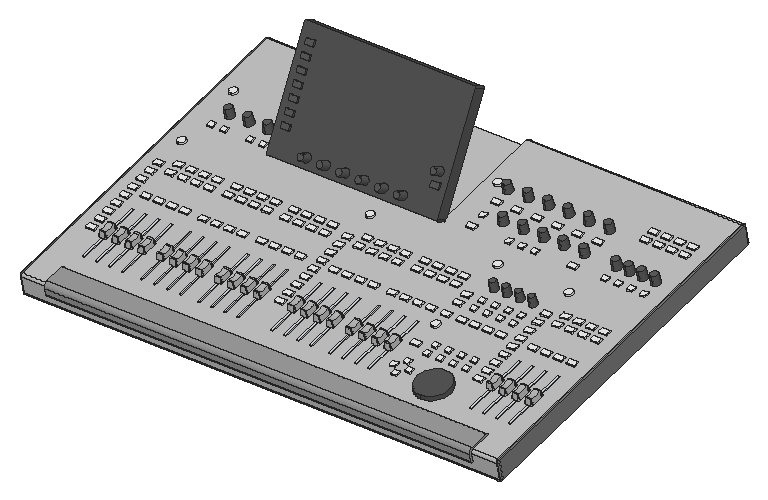
Revit family "Wing", category Communication Devices, Revit 2020 (continued)
Lines and regions (mm)
  model lines
    curve 870: arc (92.518, 155.524, 170.724) -> (94.074, 154.899, 170.568) -> (94.718, 153.39, 170.192) r 2.2
    curve 871: arc (94.718, 145.549, 168.237) -> (94.074, 144.039, 167.861) -> (92.518, 143.414, 167.705) r 2.2
    curve 872: arc (79.655, 143.414, 167.705) -> (78.1, 144.039, 167.861) -> (77.455, 145.549, 168.237) r 2.2
    curve 873: line (263.829, 98.273, 156.451) -> (276.718, 98.273, 156.451)
    curve 874: line (261.655, 88.297, 153.964) -> (261.655, 96.164, 155.925)
    curve 875: line (276.718, 86.163, 153.431) -> (263.855, 86.163, 153.431)
    curve 876: line (278.918, 96.138, 155.919) -> (278.918, 88.297, 153.964)
    curve 877: arc (261.655, 96.164, 155.925) -> (262.291, 97.655, 156.297) -> (263.829, 98.273, 156.451) r 2.174
    curve 878: arc (276.718, 98.273, 156.451) -> (278.273, 97.648, 156.295) -> (278.918, 96.138, 155.919) r 2.2
    curve 879: arc (278.918, 88.297, 153.964) -> (278.273, 86.788, 153.587) -> (276.718, 86.163, 153.431) r 2.2
    curve 880: arc (263.855, 86.163, 153.431) -> (262.299, 86.788, 153.587) -> (261.655, 88.297, 153.964) r 2.2
    curve 881: line (263.829, 155.524, 170.724) -> (276.718, 155.524, 170.724)
    curve 882: line (261.655, 145.549, 168.237) -> (261.655, 153.415, 170.198)
    curve 883: line (276.718, 143.414, 167.705) -> (263.855, 143.414, 167.705)
    curve 884: line (278.918, 153.39, 170.192) -> (278.918, 145.549, 168.237)
    curve 885: arc (261.655, 153.415, 170.198) -> (262.291, 154.906, 170.57) -> (263.829, 155.524, 170.724) r 2.174
    curve 886: arc (276.718, 155.524, 170.724) -> (278.273, 154.899, 170.568) -> (278.918, 153.39, 170.192) r 2.2
    curve 887: arc (278.918, 145.549, 168.237) -> (278.273, 144.039, 167.861) -> (276.718, 143.414, 167.705) r 2.2
    curve 888: arc (263.855, 143.414, 167.705) -> (262.299, 144.039, 167.861) -> (261.655, 145.549, 168.237) r 2.2
    curve 889: line (116.469, 155.524, 170.724) -> (129.358, 155.524, 170.724)
    curve 890: line (114.295, 145.549, 168.237) -> (114.295, 153.415, 170.198)
    curve 891: line (129.358, 143.414, 167.705) -> (116.495, 143.414, 167.705)
    curve 892: line (131.558, 153.39, 170.192) -> (131.558, 145.549, 168.237)
    curve 893: arc (114.295, 153.415, 170.198) -> (114.932, 154.906, 170.57) -> (116.469, 155.524, 170.724) r 2.174
    curve 894: arc (129.358, 155.524, 170.724) -> (130.914, 154.899, 170.568) -> (131.558, 153.39, 170.192) r 2.2
    curve 895: arc (131.558, 145.549, 168.237) -> (130.914, 144.039, 167.861) -> (129.358, 143.414, 167.705) r 2.2
    curve 896: arc (116.495, 143.414, 167.705) -> (114.939, 144.039, 167.861) -> (114.295, 145.549, 168.237) r 2.2
    curve 897: line (153.309, 155.524, 170.724) -> (166.198, 155.524, 170.724)
    curve 898: line (151.135, 145.549, 168.237) -> (151.135, 153.415, 170.198)
    curve 899: line (166.198, 143.414, 167.705) -> (153.335, 143.414, 167.705)
    curve 900: line (168.398, 153.39, 170.192) -> (168.398, 145.549, 168.237)
    curve 901: arc (151.135, 153.415, 170.198) -> (151.772, 154.906, 170.57) -> (153.309, 155.524, 170.724) r 2.174
    curve 902: arc (166.198, 155.524, 170.724) -> (167.754, 154.899, 170.568) -> (168.398, 153.39, 170.192) r 2.2
    curve 903: arc (168.398, 145.549, 168.237) -> (167.754, 144.039, 167.861) -> (166.198, 143.414, 167.705) r 2.2
    curve 904: arc (153.335, 143.414, 167.705) -> (151.779, 144.039, 167.861) -> (151.135, 145.549, 168.237) r 2.2
    curve 905: line (198.096, 98.273, 156.451) -> (205.535, 98.273, 156.451)
    curve 906: line (195.922, 88.297, 153.964) -> (195.922, 96.164, 155.925)
    curve 907: line (205.535, 86.163, 153.431) -> (198.122, 86.163, 153.431)
    curve 908: line (207.735, 96.138, 155.919) -> (207.735, 88.297, 153.964)
    curve 909: arc (195.922, 96.164, 155.925) -> (196.559, 97.655, 156.297) -> (198.096, 98.273, 156.451) r 2.174
    curve 910: arc (205.535, 98.273, 156.451) -> (207.09, 97.648, 156.295) -> (207.735, 96.138, 155.919) r 2.2
    curve 911: arc (207.735, 88.297, 153.964) -> (207.09, 86.788, 153.587) -> (205.535, 86.163, 153.431) r 2.2
    curve 912: arc (198.122, 86.163, 153.431) -> (196.566, 86.788, 153.587) -> (195.922, 88.297, 153.964) r 2.2
    curve 913: line (190.149, 155.524, 170.724) -> (203.038, 155.524, 170.724)
    curve 914: line (187.975, 145.549, 168.237) -> (187.975, 153.415, 170.198)
    curve 915: line (203.038, 143.414, 167.705) -> (190.175, 143.414, 167.705)
    curve 916: line (205.238, 153.39, 170.192) -> (205.238, 145.549, 168.237)
    curve 917: arc (187.975, 153.415, 170.198) -> (188.612, 154.906, 170.57) -> (190.149, 155.524, 170.724) r 2.174
    curve 918: arc (203.038, 155.524, 170.724) -> (204.594, 154.899, 170.568) -> (205.238, 153.39, 170.192) r 2.2
    curve 919: arc (205.238, 145.549, 168.237) -> (204.594, 144.039, 167.861) -> (203.038, 143.414, 167.705) r 2.2
    curve 920: arc (190.175, 143.414, 167.705) -> (188.619, 144.039, 167.861) -> (187.975, 145.549, 168.237) r 2.2
    curve 921: line (226.989, 155.524, 170.724) -> (239.878, 155.524, 170.724)
    curve 922: line (224.815, 145.549, 168.237) -> (224.815, 153.415, 170.198)
    curve 923: line (239.878, 143.414, 167.705) -> (227.015, 143.414, 167.705)
    curve 924: line (242.078, 153.39, 170.192) -> (242.078, 145.549, 168.237)
    curve 925: arc (224.815, 153.415, 170.198) -> (225.452, 154.906, 170.57) -> (226.989, 155.524, 170.724) r 2.174
    curve 926: arc (239.878, 155.524, 170.724) -> (241.434, 154.899, 170.568) -> (242.078, 153.39, 170.192) r 2.2
    curve 927: arc (242.078, 145.549, 168.237) -> (241.434, 144.039, 167.861) -> (239.878, 143.414, 167.705) r 2.2
    curve 928: arc (227.015, 143.414, 167.705) -> (225.459, 144.039, 167.861) -> (224.815, 145.549, 168.237) r 2.2
    curve 929: line (174.443, 98.273, 156.451) -> (181.882, 98.273, 156.451)
    curve 930: line (172.269, 88.297, 153.964) -> (172.269, 96.164, 155.925)
    curve 931: line (181.882, 86.163, 153.431) -> (174.469, 86.163, 153.431)
    curve 932: line (184.082, 96.138, 155.919) -> (184.082, 88.297, 153.964)
    curve 933: arc (172.269, 96.164, 155.925) -> (172.905, 97.655, 156.297) -> (174.443, 98.273, 156.451) r 2.174
    curve 934: arc (181.882, 98.273, 156.451) -> (183.437, 97.648, 156.295) -> (184.082, 96.138, 155.919) r 2.2
    curve 935: arc (184.082, 88.297, 153.964) -> (183.437, 86.788, 153.587) -> (181.882, 86.163, 153.431) r 2.2
    curve 936: arc (174.469, 86.163, 153.431) -> (172.913, 86.788, 153.587) -> (172.269, 88.297, 153.964) r 2.2
    curve 937: line (151.196, 98.273, 156.451) -> (158.635, 98.273, 156.451)
    curve 938: line (149.022, 88.297, 153.964) -> (149.022, 96.164, 155.925)
    curve 939: line (158.635, 86.163, 153.431) -> (151.222, 86.163, 153.431)
    curve 940: line (160.835, 96.138, 155.919) -> (160.835, 88.297, 153.964)
    curve 941: arc (149.022, 96.164, 155.925) -> (149.659, 97.655, 156.297) -> (151.196, 98.273, 156.451) r 2.174
    curve 942: arc (158.635, 98.273, 156.451) -> (160.191, 97.648, 156.295) -> (160.835, 96.138, 155.919) r 2.2
    curve 943: arc (160.835, 88.297, 153.964) -> (160.191, 86.788, 153.587) -> (158.635, 86.163, 153.431) r 2.2
    curve 944: arc (151.222, 86.163, 153.431) -> (149.667, 86.788, 153.587) -> (149.022, 88.297, 153.964) r 2.2
    curve 945: line (82.338, 124.864, 163.08) -> (89.776, 124.864, 163.08)
    curve 946: line (80.164, 114.888, 160.593) -> (80.164, 122.754, 162.554)
    curve 947: line (89.776, 112.753, 160.061) -> (82.364, 112.753, 160.061)
    curve 948: line (91.976, 122.729, 162.548) -> (91.976, 114.888, 160.593)
    curve 949: arc (80.164, 122.754, 162.554) -> (80.8, 124.246, 162.926) -> (82.338, 124.864, 163.08) r 2.174
    curve 950: arc (89.776, 124.864, 163.08) -> (91.332, 124.238, 162.924) -> (91.976, 122.729, 162.548) r 2.2
    curve 951: arc (91.976, 114.888, 160.593) -> (91.332, 113.378, 160.217) -> (89.776, 112.753, 160.061) r 2.2
    curve 952: arc (82.364, 112.753, 160.061) -> (80.808, 113.378, 160.217) -> (80.164, 114.888, 160.593) r 2.2
    curve 953: line (325.237, 98.358, 156.472) -> (332.676, 98.358, 156.472)
    curve 954: line (323.063, 88.382, 153.985) -> (323.063, 96.249, 155.946)
    curve 955: line (332.676, 86.248, 153.453) -> (325.263, 86.248, 153.453)
    curve 956: line (334.876, 96.224, 155.94) -> (334.876, 88.382, 153.985)
    curve 957: arc (323.063, 96.249, 155.946) -> (323.7, 97.74, 156.318) -> (325.237, 98.358, 156.472) r 2.174
    curve 958: arc (332.676, 98.358, 156.472) -> (334.232, 97.733, 156.316) -> (334.876, 96.224, 155.94) r 2.2
    curve 959: arc (334.876, 88.382, 153.985) -> (334.232, 86.873, 153.609) -> (332.676, 86.248, 153.453) r 2.2
    curve 960: arc (325.263, 86.248, 153.453) -> (323.708, 86.873, 153.609) -> (323.063, 88.382, 153.985) r 2.2
    curve 961: line (348.756, 98.358, 156.472) -> (356.195, 98.358, 156.472)
    curve 962: line (346.582, 88.382, 153.985) -> (346.582, 96.249, 155.946)
    curve 963: line (356.195, 86.248, 153.453) -> (348.782, 86.248, 153.453)
    curve 964: line (358.395, 96.224, 155.94) -> (358.395, 88.382, 153.985)
    curve 965: arc (346.582, 96.249, 155.946) -> (347.219, 97.74, 156.318) -> (348.756, 98.358, 156.472) r 2.174
    curve 966: arc (356.195, 98.358, 156.472) -> (357.751, 97.733, 156.316) -> (358.395, 96.224, 155.94) r 2.2
    curve 967: arc (358.395, 88.382, 153.985) -> (357.751, 86.873, 153.609) -> (356.195, 86.248, 153.453) r 2.2
    curve 968: arc (348.782, 86.248, 153.453) -> (347.226, 86.873, 153.609) -> (346.582, 88.382, 153.985) r 2.2
    curve 969: line (372.275, 98.358, 156.472) -> (379.714, 98.358, 156.472)
    curve 970: line (370.101, 88.382, 153.985) -> (370.101, 96.249, 155.946)
    curve 971: line (379.714, 86.248, 153.453) -> (372.301, 86.248, 153.453)
    curve 972: line (381.914, 96.224, 155.94) -> (381.914, 88.382, 153.985)
    curve 973: arc (370.101, 96.249, 155.946) -> (370.737, 97.74, 156.318) -> (372.275, 98.358, 156.472) r 2.174
    curve 974: arc (379.714, 98.358, 156.472) -> (381.269, 97.733, 156.316) -> (381.914, 96.224, 155.94) r 2.2
    curve 975: arc (381.914, 88.382, 153.985) -> (381.269, 86.873, 153.609) -> (379.714, 86.248, 153.453) r 2.2
    curve 976: arc (372.301, 86.248, 153.453) -> (370.745, 86.873, 153.609) -> (370.101, 88.382, 153.985) r 2.2
    curve 977: line (395.793, 98.358, 156.472) -> (403.232, 98.358, 156.472)
    curve 978: line (393.619, 88.382, 153.985) -> (393.619, 96.249, 155.946)
    curve 979: line (403.232, 86.248, 153.453) -> (395.819, 86.248, 153.453)
    curve 980: line (405.432, 96.224, 155.94) -> (405.432, 88.382, 153.985)
    curve 981: arc (393.619, 96.249, 155.946) -> (394.256, 97.74, 156.318) -> (395.793, 98.358, 156.472) r 2.174
    curve 982: arc (403.232, 98.358, 156.472) -> (404.788, 97.733, 156.316) -> (405.432, 96.224, 155.94) r 2.2
    curve 983: arc (405.432, 88.382, 153.985) -> (404.788, 86.873, 153.609) -> (403.232, 86.248, 153.453) r 2.2
    curve 984: arc (395.819, 86.248, 153.453) -> (394.264, 86.873, 153.609) -> (393.619, 88.382, 153.985) r 2.2
    curve 985: line (196.241, -19.181, 127.168) -> (203.68, -19.181, 127.168)
    curve 986: line (194.067, -29.156, 124.681) -> (194.067, -21.29, 126.642)
    curve 987: line (203.68, -31.291, 124.149) -> (196.267, -31.291, 124.149)
    curve 988: line (205.88, -21.315, 126.636) -> (205.88, -29.156, 124.681)
    curve 989: arc (194.067, -21.29, 126.642) -> (194.704, -19.798, 127.014) -> (196.241, -19.181, 127.168) r 2.174
    curve 990: arc (203.68, -19.181, 127.168) -> (205.236, -19.806, 127.012) -> (205.88, -21.315, 126.636) r 2.2
    curve 991: arc (205.88, -29.156, 124.681) -> (205.236, -30.666, 124.304) -> (203.68, -31.291, 124.149) r 2.2
    curve 992: arc (196.267, -31.291, 124.149) -> (194.712, -30.666, 124.304) -> (194.067, -29.156, 124.681) r 2.2
    curve 993: line (219.76, -19.181, 127.168) -> (227.199, -19.181, 127.168)
    curve 994: line (217.586, -29.156, 124.681) -> (217.586, -21.29, 126.642)
    curve 995: line (227.199, -31.291, 124.149) -> (219.786, -31.291, 124.149)
    curve 996: line (229.399, -21.315, 126.636) -> (229.399, -29.156, 124.681)
    curve 997: arc (217.586, -21.29, 126.642) -> (218.223, -19.798, 127.014) -> (219.76, -19.181, 127.168) r 2.174
    curve 998: arc (227.199, -19.181, 127.168) -> (228.755, -19.806, 127.012) -> (229.399, -21.315, 126.636) r 2.2
    curve 999: arc (229.399, -29.156, 124.681) -> (228.755, -30.666, 124.304) -> (227.199, -31.291, 124.149) r 2.2
    curve 1000: arc (219.786, -31.291, 124.149) -> (218.23, -30.666, 124.304) -> (217.586, -29.156, 124.681) r 2.2
    curve 1001: line (243.279, -19.181, 127.168) -> (250.718, -19.181, 127.168)
    curve 1002: line (241.105, -29.156, 124.681) -> (241.105, -21.29, 126.642)
    curve 1003: line (250.718, -31.291, 124.149) -> (243.305, -31.291, 124.149)
    curve 1004: line (252.918, -21.315, 126.636) -> (252.918, -29.156, 124.681)
    curve 1005: arc (241.105, -21.29, 126.642) -> (241.742, -19.798, 127.014) -> (243.279, -19.181, 127.168) r 2.174
    curve 1006: arc (250.718, -19.181, 127.168) -> (252.273, -19.806, 127.012) -> (252.918, -21.315, 126.636) r 2.2
    curve 1007: arc (252.918, -29.156, 124.681) -> (252.273, -30.666, 124.304) -> (250.718, -31.291, 124.149) r 2.2
    curve 1008: arc (243.305, -31.291, 124.149) -> (241.749, -30.666, 124.304) -> (241.105, -29.156, 124.681) r 2.2
    curve 1009: line (266.798, -19.181, 127.168) -> (274.237, -19.181, 127.168)
    curve 1010: line (264.624, -29.156, 124.681) -> (264.624, -21.29, 126.642)
    curve 1011: line (274.237, -31.291, 124.149) -> (266.824, -31.291, 124.149)
    curve 1012: line (276.437, -21.315, 126.636) -> (276.437, -29.156, 124.681)
    curve 1013: arc (264.624, -21.29, 126.642) -> (265.26, -19.798, 127.014) -> (266.798, -19.181, 127.168) r 2.174
    curve 1014: arc (274.237, -19.181, 127.168) -> (275.792, -19.806, 127.012) -> (276.437, -21.315, 126.636) r 2.2
    curve 1015: arc (276.437, -29.156, 124.681) -> (275.792, -30.666, 124.304) -> (274.237, -31.291, 124.149) r 2.2
    curve 1016: arc (266.824, -31.291, 124.149) -> (265.268, -30.666, 124.304) -> (264.624, -29.156, 124.681) r 2.2
    curve 1017: line (196.241, -38.17, 122.434) -> (203.68, -38.17, 122.434)
    curve 1018: line (194.067, -48.146, 119.946) -> (194.067, -40.28, 121.908)
    curve 1019: line (203.68, -50.28, 119.414) -> (196.267, -50.28, 119.414)
    curve 1020: line (205.88, -40.305, 121.901) -> (205.88, -48.146, 119.946)
    curve 1021: arc (194.067, -40.28, 121.908) -> (194.704, -38.788, 122.279) -> (196.241, -38.17, 122.434) r 2.174
    curve 1022: arc (203.68, -38.17, 122.434) -> (205.236, -38.795, 122.278) -> (205.88, -40.305, 121.901) r 2.2
    curve 1023: arc (205.88, -48.146, 119.946) -> (205.236, -49.655, 119.57) -> (203.68, -50.28, 119.414) r 2.2
    curve 1024: arc (196.267, -50.28, 119.414) -> (194.712, -49.655, 119.57) -> (194.067, -48.146, 119.946) r 2.2
    curve 1025: line (219.76, -38.17, 122.434) -> (227.199, -38.17, 122.434)
    curve 1026: line (217.586, -48.146, 119.946) -> (217.586, -40.28, 121.908)
    curve 1027: line (227.199, -50.28, 119.414) -> (219.786, -50.28, 119.414)
    curve 1028: line (229.399, -40.305, 121.901) -> (229.399, -48.146, 119.946)
    curve 1029: arc (217.586, -40.28, 121.908) -> (218.223, -38.788, 122.279) -> (219.76, -38.17, 122.434) r 2.174
    curve 1030: arc (227.199, -38.17, 122.434) -> (228.755, -38.795, 122.278) -> (229.399, -40.305, 121.901) r 2.2
    curve 1031: arc (229.399, -48.146, 119.946) -> (228.755, -49.655, 119.57) -> (227.199, -50.28, 119.414) r 2.2
    curve 1032: arc (219.786, -50.28, 119.414) -> (218.23, -49.655, 119.57) -> (217.586, -48.146, 119.946) r 2.2
    curve 1033: line (243.279, -38.17, 122.434) -> (250.718, -38.17, 122.434)
    curve 1034: line (241.105, -48.146, 119.946) -> (241.105, -40.28, 121.908)
    curve 1035: line (250.718, -50.28, 119.414) -> (243.305, -50.28, 119.414)
    curve 1036: line (252.918, -40.305, 121.901) -> (252.918, -48.146, 119.946)
    curve 1037: arc (241.105, -40.28, 121.908) -> (241.742, -38.788, 122.279) -> (243.279, -38.17, 122.434) r 2.174
    curve 1038: arc (250.718, -38.17, 122.434) -> (252.273, -38.795, 122.278) -> (252.918, -40.305, 121.901) r 2.2
    curve 1039: arc (252.918, -48.146, 119.946) -> (252.273, -49.655, 119.57) -> (250.718, -50.28, 119.414) r 2.2
    curve 1040: arc (243.305, -50.28, 119.414) -> (241.749, -49.655, 119.57) -> (241.105, -48.146, 119.946) r 2.2
    curve 1041: line (266.798, -38.17, 122.434) -> (274.237, -38.17, 122.434)
    curve 1042: line (264.624, -48.146, 119.946) -> (264.624, -40.28, 121.908)
    curve 1043: line (274.237, -50.28, 119.414) -> (266.824, -50.28, 119.414)
    curve 1044: line (276.437, -40.305, 121.901) -> (276.437, -48.146, 119.946)
    curve 1045: arc (264.624, -40.28, 121.908) -> (265.26, -38.788, 122.279) -> (266.798, -38.17, 122.434) r 2.174
    curve 1046: arc (274.237, -38.17, 122.434) -> (275.792, -38.795, 122.278) -> (276.437, -40.305, 121.901) r 2.2
    curve 1047: arc (276.437, -48.146, 119.946) -> (275.792, -49.655, 119.57) -> (274.237, -50.28, 119.414) r 2.2
    curve 1048: arc (266.824, -50.28, 119.414) -> (265.268, -49.655, 119.57) -> (264.624, -48.146, 119.946) r 2.2
    curve 1049: line (196.241, -124.891, 100.813) -> (203.68, -124.891, 100.813)
    curve 1050: line (194.067, -134.866, 98.326) -> (194.067, -127, 100.287)
    curve 1051: line (203.68, -137.001, 97.793) -> (196.267, -137.001, 97.793)
    curve 1052: line (205.88, -127.025, 100.281) -> (205.88, -134.866, 98.326)
    curve 1053: arc (194.067, -127, 100.287) -> (194.704, -125.509, 100.659) -> (196.241, -124.891, 100.813) r 2.174
    curve 1054: arc (203.68, -124.891, 100.813) -> (205.236, -125.516, 100.657) -> (205.88, -127.025, 100.281) r 2.2
    curve 1055: arc (205.88, -134.866, 98.326) -> (205.236, -136.376, 97.949) -> (203.68, -137.001, 97.793) r 2.2
    curve 1056: arc (196.267, -137.001, 97.793) -> (194.712, -136.376, 97.949) -> (194.067, -134.866, 98.326) r 2.2
    curve 1057: line (219.76, -124.891, 100.813) -> (227.199, -124.891, 100.813)
    curve 1058: line (217.586, -134.866, 98.326) -> (217.586, -127, 100.287)
    curve 1059: line (227.199, -137.001, 97.793) -> (219.786, -137.001, 97.793)
    curve 1060: line (229.399, -127.025, 100.281) -> (229.399, -134.866, 98.326)
    curve 1061: arc (217.586, -127, 100.287) -> (218.223, -125.509, 100.659) -> (219.76, -124.891, 100.813) r 2.174
    curve 1062: arc (227.199, -124.891, 100.813) -> (228.755, -125.516, 100.657) -> (229.399, -127.025, 100.281) r 2.2
    curve 1063: arc (229.399, -134.866, 98.326) -> (228.755, -136.376, 97.949) -> (227.199, -137.001, 97.793) r 2.2
    curve 1064: arc (219.786, -137.001, 97.793) -> (218.23, -136.376, 97.949) -> (217.586, -134.866, 98.326) r 2.2
    curve 1065: line (243.279, -124.891, 100.813) -> (250.718, -124.891, 100.813)
    curve 1066: line (241.105, -134.866, 98.326) -> (241.105, -127, 100.287)
    curve 1067: line (250.718, -137.001, 97.793) -> (243.305, -137.001, 97.793)
    curve 1068: line (252.918, -127.025, 100.281) -> (252.918, -134.866, 98.326)
    curve 1069: arc (241.105, -127, 100.287) -> (241.742, -125.509, 100.659) -> (243.279, -124.891, 100.813) r 2.174
    curve 1070: arc (250.718, -124.891, 100.813) -> (252.273, -125.516, 100.657) -> (252.918, -127.025, 100.281) r 2.2
    curve 1071: arc (252.918, -134.866, 98.326) -> (252.273, -136.376, 97.949) -> (250.718, -137.001, 97.793) r 2.2
    curve 1072: arc (243.305, -137.001, 97.793) -> (241.749, -136.376, 97.949) -> (241.105, -134.866, 98.326) r 2.2
    curve 1073: line (266.798, -124.891, 100.813) -> (274.237, -124.891, 100.813)
    curve 1074: line (264.624, -134.866, 98.326) -> (264.624, -127, 100.287)
    curve 1075: line (274.237, -137.001, 97.793) -> (266.824, -137.001, 97.793)
    curve 1076: line (276.437, -127.025, 100.281) -> (276.437, -134.866, 98.326)
    curve 1077: arc (264.624, -127, 100.287) -> (265.26, -125.509, 100.659) -> (266.798, -124.891, 100.813) r 2.174
    curve 1078: arc (274.237, -124.891, 100.813) -> (275.792, -125.516, 100.657) -> (276.437, -127.025, 100.281) r 2.2
    curve 1079: arc (276.437, -134.866, 98.326) -> (275.792, -136.376, 97.949) -> (274.237, -137.001, 97.793) r 2.2
    curve 1080: arc (266.824, -137.001, 97.793) -> (265.268, -136.376, 97.949) -> (264.624, -134.866, 98.326) r 2.2
    curve 1081: line (196.241, -143.88, 96.078) -> (203.68, -143.88, 96.078)
    curve 1082: line (194.067, -153.856, 93.591) -> (194.067, -145.99, 95.552)
    curve 1083: line (203.68, -155.991, 93.059) -> (196.267, -155.991, 93.059)
    curve 1084: line (205.88, -146.015, 95.546) -> (205.88, -153.856, 93.591)
    curve 1085: arc (194.067, -145.99, 95.552) -> (194.704, -144.498, 95.924) -> (196.241, -143.88, 96.078) r 2.174
    curve 1086: arc (203.68, -143.88, 96.078) -> (205.236, -144.505, 95.923) -> (205.88, -146.015, 95.546) r 2.2
    curve 1087: arc (205.88, -153.856, 93.591) -> (205.236, -155.365, 93.215) -> (203.68, -155.991, 93.059) r 2.2
    curve 1088: arc (196.267, -155.991, 93.059) -> (194.712, -155.365, 93.215) -> (194.067, -153.856, 93.591) r 2.2
    curve 1089: line (219.76, -143.88, 96.078) -> (227.199, -143.88, 96.078)
    curve 1090: line (217.586, -153.856, 93.591) -> (217.586, -145.99, 95.552)
    curve 1091: line (227.199, -155.991, 93.059) -> (219.786, -155.991, 93.059)
    curve 1092: line (229.399, -146.015, 95.546) -> (229.399, -153.856, 93.591)
    curve 1093: arc (217.586, -145.99, 95.552) -> (218.223, -144.498, 95.924) -> (219.76, -143.88, 96.078) r 2.174
    curve 1094: arc (227.199, -143.88, 96.078) -> (228.755, -144.505, 95.923) -> (229.399, -146.015, 95.546) r 2.2
    curve 1095: arc (229.399, -153.856, 93.591) -> (228.755, -155.365, 93.215) -> (227.199, -155.991, 93.059) r 2.2
    curve 1096: arc (219.786, -155.991, 93.059) -> (218.23, -155.365, 93.215) -> (217.586, -153.856, 93.591) r 2.2
    curve 1097: line (243.279, -143.88, 96.078) -> (250.718, -143.88, 96.078)
    curve 1098: line (241.105, -153.856, 93.591) -> (241.105, -145.99, 95.552)
    curve 1099: line (250.718, -155.991, 93.059) -> (243.305, -155.991, 93.059)
    curve 1100: line (252.918, -146.015, 95.546) -> (252.918, -153.856, 93.591)
    curve 1101: arc (241.105, -145.99, 95.552) -> (241.742, -144.498, 95.924) -> (243.279, -143.88, 96.078) r 2.174
    curve 1102: arc (250.718, -143.88, 96.078) -> (252.273, -144.505, 95.923) -> (252.918, -146.015, 95.546) r 2.2
    curve 1103: arc (252.918, -153.856, 93.591) -> (252.273, -155.365, 93.215) -> (250.718, -155.991, 93.059) r 2.2
    curve 1104: arc (243.305, -155.991, 93.059) -> (241.749, -155.365, 93.215) -> (241.105, -153.856, 93.591) r 2.2
    curve 1105: line (266.798, -143.88, 96.078) -> (274.237, -143.88, 96.078)
    curve 1106: line (264.624, -153.856, 93.591) -> (264.624, -145.99, 95.552)
    curve 1107: line (274.237, -155.991, 93.059) -> (266.824, -155.991, 93.059)
    curve 1108: line (276.437, -146.015, 95.546) -> (276.437, -153.856, 93.591)
    curve 1109: arc (264.624, -145.99, 95.552) -> (265.26, -144.498, 95.924) -> (266.798, -143.88, 96.078) r 2.174
    curve 1110: arc (274.237, -143.88, 96.078) -> (275.792, -144.505, 95.923) -> (276.437, -146.015, 95.546) r 2.2
    curve 1111: arc (276.437, -153.856, 93.591) -> (275.792, -155.365, 93.215) -> (274.237, -155.991, 93.059) r 2.2
    curve 1112: arc (266.824, -155.991, 93.059) -> (265.268, -155.365, 93.215) -> (264.624, -153.856, 93.591) r 2.2
    curve 1113: line (195.994, -183.946, 86.089) -> (203.433, -183.946, 86.089)
    curve 1114: line (193.82, -193.922, 83.602) -> (193.82, -186.055, 85.564)
    curve 1115: line (203.433, -196.056, 83.07) -> (196.02, -196.056, 83.07)
    curve 1116: line (205.633, -186.081, 85.557) -> (205.633, -193.922, 83.602)
    curve 1117: arc (193.82, -186.055, 85.564) -> (194.456, -184.564, 85.935) -> (195.994, -183.946, 86.089) r 2.174
    curve 1118: arc (203.433, -183.946, 86.089) -> (204.988, -184.571, 85.934) -> (205.633, -186.081, 85.557) r 2.2
    curve 1119: arc (205.633, -193.922, 83.602) -> (204.988, -195.431, 83.226) -> (203.433, -196.056, 83.07) r 2.2
    curve 1120: arc (196.02, -196.056, 83.07) -> (194.464, -195.431, 83.226) -> (193.82, -193.922, 83.602) r 2.2
    curve 1121: line (167.838, -183.946, 86.089) -> (175.276, -183.946, 86.089)
    curve 1122: line (165.664, -193.922, 83.602) -> (165.664, -186.055, 85.564)
    curve 1123: line (175.276, -196.056, 83.07) -> (167.864, -196.056, 83.07)
    curve 1124: line (177.476, -186.081, 85.557) -> (177.476, -193.922, 83.602)
    curve 1125: arc (165.664, -186.055, 85.564) -> (166.3, -184.564, 85.935) -> (167.838, -183.946, 86.089) r 2.174
    curve 1126: arc (175.276, -183.946, 86.089) -> (176.832, -184.571, 85.934) -> (177.476, -186.081, 85.557) r 2.2
    curve 1127: arc (177.476, -193.922, 83.602) -> (176.832, -195.431, 83.226) -> (175.276, -196.056, 83.07) r 2.2
    curve 1128: arc (167.864, -196.056, 83.07) -> (166.308, -195.431, 83.226) -> (165.664, -193.922, 83.602) r 2.2
    curve 1129: line (181.746, -170.01, 89.564) -> (189.185, -170.01, 89.564)
    curve 1130: line (179.572, -179.986, 87.077) -> (179.572, -172.119, 89.038)
    curve 1131: line (189.185, -182.12, 86.545) -> (181.772, -182.12, 86.545)
    curve 1132: line (191.385, -172.145, 89.032) -> (191.385, -179.986, 87.077)
    curve 1133: arc (179.572, -172.119, 89.038) -> (180.209, -170.628, 89.41) -> (181.746, -170.01, 89.564) r 2.174
    curve 1134: arc (189.185, -170.01, 89.564) -> (190.741, -170.635, 89.408) -> (191.385, -172.145, 89.032) r 2.2
    curve 1135: arc (191.385, -179.986, 87.077) -> (190.741, -181.495, 86.701) -> (189.185, -182.12, 86.545) r 2.2
    curve 1136: arc (181.772, -182.12, 86.545) -> (180.216, -181.495, 86.701) -> (179.572, -179.986, 87.077) r 2.2
    curve 1137: line (181.746, -197.993, 82.587) -> (189.185, -197.993, 82.587)
    curve 1138: line (179.572, -207.969, 80.1) -> (179.572, -200.103, 82.061)
    curve 1139: line (189.185, -210.104, 79.568) -> (181.772, -210.104, 79.568)
    curve 1140: line (191.385, -200.128, 82.055) -> (191.385, -207.969, 80.1)
    curve 1141: arc (179.572, -200.103, 82.061) -> (180.209, -198.611, 82.433) -> (181.746, -197.993, 82.587) r 2.174
    curve 1142: arc (189.185, -197.993, 82.587) -> (190.741, -198.619, 82.431) -> (191.385, -200.128, 82.055) r 2.2
    curve 1143: arc (191.385, -207.969, 80.1) -> (190.741, -209.478, 79.724) -> (189.185, -210.104, 79.568) r 2.2
    curve 1144: arc (181.772, -210.104, 79.568) -> (180.216, -209.478, 79.724) -> (179.572, -207.969, 80.1) r 2.2
    curve 1145: line (-366.422, 98.273, 156.451) -> (-358.983, 98.273, 156.451)
    curve 1146: line (-368.596, 88.297, 153.964) -> (-368.596, 96.164, 155.925)
    curve 1147: line (-358.983, 86.163, 153.431) -> (-366.396, 86.163, 153.431)
    curve 1148: line (-356.783, 96.138, 155.919) -> (-356.783, 88.297, 153.964)
    curve 1149: arc (-368.596, 96.164, 155.925) -> (-367.96, 97.655, 156.297) -> (-366.422, 98.273, 156.451) r 2.174
    curve 1150: arc (-358.983, 98.273, 156.451) -> (-357.428, 97.648, 156.295) -> (-356.783, 96.138, 155.919) r 2.2
    curve 1151: arc (-356.783, 88.297, 153.964) -> (-357.428, 86.788, 153.587) -> (-358.983, 86.163, 153.431) r 2.2
    curve 1152: arc (-366.396, 86.163, 153.431) -> (-367.952, 86.788, 153.587) -> (-368.596, 88.297, 153.964) r 2.2
    curve 1153: line (-389.669, 98.273, 156.451) -> (-382.23, 98.273, 156.451)
    curve 1154: line (-391.843, 88.297, 153.964) -> (-391.843, 96.164, 155.925)
    curve 1155: line (-382.23, 86.163, 153.431) -> (-389.643, 86.163, 153.431)
    curve 1156: line (-380.03, 96.138, 155.919) -> (-380.03, 88.297, 153.964)
    curve 1157: arc (-391.843, 96.164, 155.925) -> (-391.206, 97.655, 156.297) -> (-389.669, 98.273, 156.451) r 2.174
    curve 1158: arc (-382.23, 98.273, 156.451) -> (-380.674, 97.648, 156.295) -> (-380.03, 96.138, 155.919) r 2.2
    curve 1159: arc (-380.03, 88.297, 153.964) -> (-380.674, 86.788, 153.587) -> (-382.23, 86.163, 153.431) r 2.2
    curve 1160: arc (-389.643, 86.163, 153.431) -> (-391.198, 86.788, 153.587) -> (-391.843, 88.297, 153.964) r 2.2
    curve 1161: line (-296.044, 98.273, 156.451) -> (-288.605, 98.273, 156.451)
    curve 1162: line (-298.218, 88.297, 153.964) -> (-298.218, 96.164, 155.925)
    curve 1163: line (-288.605, 86.163, 153.431) -> (-296.018, 86.163, 153.431)
    curve 1164: line (-286.405, 96.138, 155.919) -> (-286.405, 88.297, 153.964)
    curve 1165: arc (-298.218, 96.164, 155.925) -> (-297.581, 97.655, 156.297) -> (-296.044, 98.273, 156.451) r 2.174
    curve 1166: arc (-288.605, 98.273, 156.451) -> (-287.049, 97.648, 156.295) -> (-286.405, 96.138, 155.919) r 2.2
    curve 1167: arc (-286.405, 88.297, 153.964) -> (-287.049, 86.788, 153.587) -> (-288.605, 86.163, 153.431) r 2.2
    curve 1168: arc (-296.018, 86.163, 153.431) -> (-297.573, 86.788, 153.587) -> (-298.218, 88.297, 153.964) r 2.2
    curve 1169: line (-319.29, 98.273, 156.451) -> (-311.851, 98.273, 156.451)
    curve 1170: line (-321.464, 88.297, 153.964) -> (-321.464, 96.164, 155.925)
    curve 1171: line (-311.851, 86.163, 153.431) -> (-319.264, 86.163, 153.431)
    curve 1172: line (-309.651, 96.138, 155.919) -> (-309.651, 88.297, 153.964)
    curve 1173: arc (-321.464, 96.164, 155.925) -> (-320.827, 97.655, 156.297) -> (-319.29, 98.273, 156.451) r 2.174
    curve 1174: arc (-311.851, 98.273, 156.451) -> (-310.295, 97.648, 156.295) -> (-309.651, 96.138, 155.919) r 2.2
    curve 1175: arc (-309.651, 88.297, 153.964) -> (-310.295, 86.788, 153.587) -> (-311.851, 86.163, 153.431) r 2.2
    curve 1176: arc (-319.264, 86.163, 153.431) -> (-320.82, 86.788, 153.587) -> (-321.464, 88.297, 153.964) r 2.2
    curve 1177: circle (-402.636, 162.411, 172.441) r 8.037 normal (0, -0.2419, 0.9703)
    curve 1178: circle (-402.636, 45.151, 143.207) r 8.037 normal (0, -0.2419, 0.9703)
    curve 1179: circle (-60.191, 45.151, 143.207) r 8.037 normal (0, -0.2419, 0.9703)
    curve 1180: circle (171.565, 45.151, 143.207) r 8.037 normal (0, -0.2419, 0.9703)
    curve 1181: circle (300.782, 45.151, 143.207) r 8.037 normal (0, -0.2419, 0.9703)
    curve 1182: circle (171.488, -95.465, 108.149) r 8.037 normal (0, -0.2419, 0.9703)
    curve 1183: circle (61.695, 182.957, 177.564) r 8.037 normal (0, -0.2419, 0.9703)
    curve 1184: circle (252.918, -201.61, 81.686) r 33 normal (0, -0.2419, 0.9703)
    curve 1185: line (-356.429, 160.529, 171.972) -> (-321.582, 160.529, 171.972)
    curve 1186: line (-357.629, 145.341, 168.186) -> (-357.629, 159.364, 171.682)
    curve 1187: line (-321.582, 144.177, 167.895) -> (-356.429, 144.177, 167.895)
    curve 1188: line (-320.382, 159.364, 171.682) -> (-320.382, 145.341, 168.186)
    curve 1189: arc (-357.629, 159.364, 171.682) -> (-357.278, 160.188, 171.887) -> (-356.429, 160.529, 171.972) r 1.2
    curve 1190: arc (-321.582, 160.529, 171.972) -> (-320.733, 160.188, 171.887) -> (-320.382, 159.364, 171.682) r 1.2
    curve 1191: arc (-320.382, 145.341, 168.186) -> (-320.733, 144.518, 167.98) -> (-321.582, 144.177, 167.895) r 1.2
    curve 1192: arc (-356.429, 144.177, 167.895) -> (-357.278, 144.518, 167.98) -> (-357.629, 145.341, 168.186) r 1.2
    curve 1193: line (322.576, -9.948, 129.47) -> (335.465, -9.948, 129.47)
    curve 1194: line (320.402, -19.924, 126.983) -> (320.402, -12.058, 128.944)
    curve 1195: line (335.465, -22.059, 126.45) -> (322.602, -22.059, 126.45)
    curve 1196: line (337.665, -12.083, 128.937) -> (337.665, -19.924, 126.983)
    curve 1197: arc (320.402, -12.058, 128.944) -> (321.039, -10.566, 129.316) -> (322.576, -9.948, 129.47) r 2.174
    curve 1198: arc (335.465, -9.948, 129.47) -> (337.021, -10.574, 129.314) -> (337.665, -12.083, 128.937) r 2.2
    curve 1199: arc (337.665, -19.924, 126.983) -> (337.021, -21.433, 126.606) -> (335.465, -22.059, 126.45) r 2.2
    curve 1200: arc (322.602, -22.059, 126.45) -> (321.047, -21.433, 126.606) -> (320.402, -19.924, 126.983) r 2.2
    curve 1201: line (322.576, 9.041, 134.204) -> (335.465, 9.041, 134.204)
    curve 1202: line (320.402, -0.934, 131.717) -> (320.402, 6.932, 133.678)
    curve 1203: line (335.465, -3.069, 131.185) -> (322.602, -3.069, 131.185)
    curve 1204: line (337.665, 6.907, 133.672) -> (337.665, -0.934, 131.717)
    curve 1205: arc (320.402, 6.932, 133.678) -> (321.039, 8.423, 134.05) -> (322.576, 9.041, 134.204) r 2.174
    curve 1206: arc (335.465, 9.041, 134.204) -> (337.021, 8.416, 134.048) -> (337.665, 6.907, 133.672) r 2.2
    curve 1207: arc (337.665, -0.934, 131.717) -> (337.021, -2.444, 131.341) -> (335.465, -3.069, 131.185) r 2.2
    curve 1208: arc (322.602, -3.069, 131.185) -> (321.047, -2.444, 131.341) -> (320.402, -0.934, 131.717) r 2.2
    curve 1209: line (346.095, -9.948, 129.47) -> (358.984, -9.948, 129.47)
    curve 1210: line (343.921, -19.924, 126.983) -> (343.921, -12.058, 128.944)
    curve 1211: line (358.984, -22.059, 126.45) -> (346.121, -22.059, 126.45)
    curve 1212: line (361.184, -12.083, 128.937) -> (361.184, -19.924, 126.983)
    curve 1213: arc (343.921, -12.058, 128.944) -> (344.558, -10.566, 129.316) -> (346.095, -9.948, 129.47) r 2.174
    curve 1214: arc (358.984, -9.948, 129.47) -> (360.54, -10.574, 129.314) -> (361.184, -12.083, 128.937) r 2.2
    curve 1215: arc (361.184, -19.924, 126.983) -> (360.54, -21.433, 126.606) -> (358.984, -22.059, 126.45) r 2.2
    curve 1216: arc (346.121, -22.059, 126.45) -> (344.565, -21.433, 126.606) -> (343.921, -19.924, 126.983) r 2.2
    curve 1217: line (346.095, 9.041, 134.204) -> (358.984, 9.041, 134.204)
    curve 1218: line (343.921, -0.934, 131.717) -> (343.921, 6.932, 133.678)
    curve 1219: line (358.984, -3.069, 131.185) -> (346.121, -3.069, 131.185)
    curve 1220: line (361.184, 6.907, 133.672) -> (361.184, -0.934, 131.717)
    curve 1221: arc (343.921, 6.932, 133.678) -> (344.558, 8.423, 134.05) -> (346.095, 9.041, 134.204) r 2.174
    curve 1222: arc (358.984, 9.041, 134.204) -> (360.54, 8.416, 134.048) -> (361.184, 6.907, 133.672) r 2.2
    curve 1223: arc (361.184, -0.934, 131.717) -> (360.54, -2.444, 131.341) -> (358.984, -3.069, 131.185) r 2.2
    curve 1224: arc (346.121, -3.069, 131.185) -> (344.565, -2.444, 131.341) -> (343.921, -0.934, 131.717) r 2.2
    curve 1225: line (369.614, -9.948, 129.47) -> (382.503, -9.948, 129.47)
    curve 1226: line (367.44, -19.924, 126.983) -> (367.44, -12.058, 128.944)
    curve 1227: line (382.503, -22.059, 126.45) -> (369.64, -22.059, 126.45)
    curve 1228: line (384.703, -12.083, 128.937) -> (384.703, -19.924, 126.983)
    curve 1229: arc (367.44, -12.058, 128.944) -> (368.076, -10.566, 129.316) -> (369.614, -9.948, 129.47) r 2.174
    curve 1230: arc (382.503, -9.948, 129.47) -> (384.058, -10.574, 129.314) -> (384.703, -12.083, 128.937) r 2.2
    curve 1231: arc (384.703, -19.924, 126.983) -> (384.058, -21.433, 126.606) -> (382.503, -22.059, 126.45) r 2.2
    curve 1232: arc (369.64, -22.059, 126.45) -> (368.084, -21.433, 126.606) -> (367.44, -19.924, 126.983) r 2.2
    curve 1233: line (369.614, 9.041, 134.204) -> (382.503, 9.041, 134.204)
    curve 1234: line (367.44, -0.934, 131.717) -> (367.44, 6.932, 133.678)
    curve 1235: line (382.503, -3.069, 131.185) -> (369.64, -3.069, 131.185)
    curve 1236: line (384.703, 6.907, 133.672) -> (384.703, -0.934, 131.717)
    curve 1237: arc (367.44, 6.932, 133.678) -> (368.076, 8.423, 134.05) -> (369.614, 9.041, 134.204) r 2.174
    curve 1238: arc (382.503, 9.041, 134.204) -> (384.058, 8.416, 134.048) -> (384.703, 6.907, 133.672) r 2.2
    curve 1239: arc (384.703, -0.934, 131.717) -> (384.058, -2.444, 131.341) -> (382.503, -3.069, 131.185) r 2.2
    curve 1240: arc (369.64, -3.069, 131.185) -> (368.084, -2.444, 131.341) -> (367.44, -0.934, 131.717) r 2.2
    curve 1241: line (393.132, -9.948, 129.47) -> (406.022, -9.948, 129.47)
    curve 1242: line (390.958, -19.924, 126.983) -> (390.958, -12.058, 128.944)
    curve 1243: line (406.022, -22.059, 126.45) -> (393.158, -22.059, 126.45)
    curve 1244: line (408.222, -12.083, 128.937) -> (408.222, -19.924, 126.983)
    curve 1245: arc (390.958, -12.058, 128.944) -> (391.595, -10.566, 129.316) -> (393.132, -9.948, 129.47) r 2.174
    curve 1246: arc (406.022, -9.948, 129.47) -> (407.577, -10.574, 129.314) -> (408.222, -12.083, 128.937) r 2.2
    curve 1247: arc (408.222, -19.924, 126.983) -> (407.577, -21.433, 126.606) -> (406.022, -22.059, 126.45) r 2.2
    curve 1248: arc (393.158, -22.059, 126.45) -> (391.603, -21.433, 126.606) -> (390.958, -19.924, 126.983) r 2.2
    curve 1249: line (393.132, 9.041, 134.204) -> (406.022, 9.041, 134.204)
    curve 1250: line (390.958, -0.934, 131.717) -> (390.958, 6.932, 133.678)
    curve 1251: line (406.022, -3.069, 131.185) -> (393.158, -3.069, 131.185)
    curve 1252: line (408.222, 6.907, 133.672) -> (408.222, -0.934, 131.717)
    curve 1253: arc (390.958, 6.932, 133.678) -> (391.595, 8.423, 134.05) -> (393.132, 9.041, 134.204) r 2.174
    curve 1254: arc (406.022, 9.041, 134.204) -> (407.577, 8.416, 134.048) -> (408.222, 6.907, 133.672) r 2.2
    curve 1255: arc (408.222, -0.934, 131.717) -> (407.577, -2.444, 131.341) -> (406.022, -3.069, 131.185) r 2.2
    curve 1256: arc (393.158, -3.069, 131.185) -> (391.603, -2.444, 131.341) -> (390.958, -0.934, 131.717) r 2.2
    curve 1259: line (-108.866, 223.328, 59.655) -> (-229.381, 223.328, 59.655)
    curve 1260: line (-103.866, 223.328, 28.014) -> (-103.866, 223.328, 54.655)
    curve 1261: line (-229.381, 223.328, 23.014) -> (-108.866, 223.328, 23.014)
    curve 1262: line (-234.381, 223.328, 54.655) -> (-234.381, 223.328, 28.014)
    curve 1263: arc (-229.381, 223.328, 59.655) -> (-232.917, 223.328, 58.19) -> (-234.381, 223.328, 54.655) r 5
    curve 1264: arc (-234.381, 223.328, 28.014) -> (-232.917, 223.328, 24.478) -> (-229.381, 223.328, 23.014) r 5
    curve 1265: arc (-108.866, 223.328, 23.014) -> (-105.33, 223.328, 24.478) -> (-103.866, 223.328, 28.014) r 5
    curve 1266: arc (-103.866, 223.328, 54.655) -> (-105.33, 223.328, 58.19) -> (-108.866, 223.328, 59.655) r 5
  reference lines
    curve 1257: line (0, 157.916, 327.875) -> (0, 69.196, 145.974)
    curve 1258: line (0, -2, 0) -> (0, 69.196, 145.974)
Dimensions and locks
  "ScreenTilt": angle level to curve 1257
  aligned and locked: level to plane 2
  aligned and locked: level to curve 1258
Automatic sketch dimensions
  Extrusion 1 sketch curve to plane 4 "Control Surface" = 0 mm  (x2)
  level to Extrusion 1 sketch curve = 55.718 mm
  plane 1 "Center (Front/Back)" to Extrusion 1 sketch curve = 283.893 mm
  level to Extrusion 1 sketch curve = 62.078 mm
  Extrusion 1 sketch curve to Extrusion 1 sketch curve = 5.117 mm
  level to Extrusion 1 sketch curve = 26.951 mm
  Extrusion 1 sketch curve to Extrusion 1 sketch curve = 7.27 mm
  Extrusion 1 sketch curve to Extrusion 1 sketch curve = 4.846 mm
  level to Extrusion 1 sketch curve = 23.317 mm
  Extrusion 1 sketch curve to Extrusion 1 sketch curve = 1.209 mm
  plane 5 "Rear Connectors" to Extrusion 1 sketch curve = 50.266 mm
  Extrusion 1 sketch curve to Extrusion 1 sketch curve = 1.282 mm
  Extrusion 1 sketch curve to Extrusion 1 sketch curve = 5.08 mm
  Extrusion 1 sketch curve to Extrusion 1 sketch curve = 7.561 mm
  Extrusion 1 sketch curve to Extrusion 1 sketch curve = 0.849 mm
  Extrusion 1 sketch curve to Extrusion 1 sketch curve = 4.786 mm
  Extrusion 1 sketch curve to Extrusion 1 sketch curve = 38.759 mm
  Extrusion 1 sketch curve to Extrusion 1 sketch curve = 4.86 mm
  Extrusion 1 sketch curve to Extrusion 1 sketch curve = 5.142 mm
  Blend 2 sketch curve to plane 4 "Control Surface" = 0 mm  (x2)
  level to Blend 2 sketch curve = 55.718 mm
  plane 1 "Center (Front/Back)" to Blend 2 sketch curve = 283.893 mm
  level to Blend 2 sketch curve = 62.078 mm
  Blend 2 sketch curve to Blend 2 sketch curve = 1.482 mm
  level to Blend 2 sketch curve = 26.951 mm
  Blend 2 sketch curve to Blend 2 sketch curve = 7.27 mm
  Blend 2 sketch curve to Blend 2 sketch curve = 4.846 mm
  level to Blend 2 sketch curve = 23.317 mm
  Blend 2 sketch curve to Blend 2 sketch curve = 1.209 mm
  plane 5 "Rear Connectors" to Blend 2 sketch curve = 50.266 mm
  Blend 2 sketch curve to Blend 2 sketch curve = 1.282 mm
  Blend 2 sketch curve to Blend 2 sketch curve = 5.08 mm
  Blend 2 sketch curve to Blend 2 sketch curve = 7.561 mm
  Blend 2 sketch curve to Blend 2 sketch curve = 0.849 mm
  Blend 2 sketch curve to Blend 2 sketch curve = 4.786 mm
  Blend 2 sketch curve to Blend 2 sketch curve = 38.759 mm
  Blend 2 sketch curve to Blend 2 sketch curve = 4.86 mm
  Blend 2 sketch curve to Blend 2 sketch curve = 5.142 mm
  level to Blend 2 sketch curve = 56.43 mm
  plane 1 "Center (Front/Back)" to Blend 2 sketch curve = 280.971 mm
  level to Blend 2 sketch curve = 59.225 mm
  Blend 2 sketch curve to Blend 2 sketch curve = 1.674 mm
  Blend 2 sketch curve to Blend 2 sketch curve = 0.556 mm  (x4)
  level to Blend 2 sketch curve = 27.971 mm
  Blend 2 sketch curve to Blend 2 sketch curve = 7.192 mm
  Blend 2 sketch curve to Blend 2 sketch curve = 2.23 mm
  level to Blend 2 sketch curve = 26.303 mm
  plane 5 "Rear Connectors" to Blend 2 sketch curve = 50.992 mm
  Blend 2 sketch curve to Blend 2 sketch curve = 7.115 mm
  Blend 2 sketch curve to Blend 2 sketch curve = 2.232 mm  (x2)
  level to Blend 2 sketch curve = 164.309 mm
  Blend 2 sketch curve to Blend 2 sketch curve = 28.478 mm
  Blend 2 sketch curve to Blend 2 sketch curve = 2.231 mm  (x2)
  Blend 2 sketch curve to Blend 2 sketch curve = 0.015 mm
  Blend 2 sketch curve to Blend 2 sketch curve = 0.004 mm
  Blend 3 sketch curve to plane 4 "Control Surface" = 0 mm  (x2)
  level to Blend 3 sketch curve = 55.718 mm
  plane 1 "Center (Front/Back)" to Blend 3 sketch curve = 283.893 mm
  level to Blend 3 sketch curve = 62.078 mm
  Blend 3 sketch curve to Blend 3 sketch curve = 5.117 mm
  level to Blend 3 sketch curve = 26.951 mm
  Blend 3 sketch curve to Blend 3 sketch curve = 7.27 mm
  Blend 3 sketch curve to Blend 3 sketch curve = 4.846 mm
  level to Blend 3 sketch curve = 23.317 mm
  Blend 3 sketch curve to Blend 3 sketch curve = 1.209 mm
  plane 5 "Rear Connectors" to Blend 3 sketch curve = 50.266 mm
  Blend 3 sketch curve to Blend 3 sketch curve = 1.282 mm
  Blend 3 sketch curve to Blend 3 sketch curve = 5.08 mm
  Blend 3 sketch curve to Blend 3 sketch curve = 7.561 mm
  Blend 3 sketch curve to Blend 3 sketch curve = 0.849 mm
  Blend 3 sketch curve to Blend 3 sketch curve = 4.786 mm
  Blend 3 sketch curve to Blend 3 sketch curve = 3.631 mm
  Blend 3 sketch curve to Blend 3 sketch curve = 29.071 mm
  Blend 3 sketch curve to Blend 3 sketch curve = 1.197 mm
  level to Blend 3 sketch curve = 56.43 mm
  plane 1 "Center (Front/Back)" to Blend 3 sketch curve = 280.971 mm
  level to Blend 3 sketch curve = 59.225 mm
  Blend 3 sketch curve to Blend 3 sketch curve = 1.674 mm
  Blend 3 sketch curve to Blend 3 sketch curve = 0.556 mm  (x4)
  level to Blend 3 sketch curve = 27.971 mm
  Blend 3 sketch curve to Blend 3 sketch curve = 7.192 mm
  Blend 3 sketch curve to Blend 3 sketch curve = 2.23 mm
  level to Blend 3 sketch curve = 26.303 mm
  plane 5 "Rear Connectors" to Blend 3 sketch curve = 50.992 mm
  Blend 3 sketch curve to Blend 3 sketch curve = 7.115 mm
  Blend 3 sketch curve to Blend 3 sketch curve = 2.232 mm  (x2)
  level to Blend 3 sketch curve = 164.309 mm
  Blend 3 sketch curve to Blend 3 sketch curve = 28.478 mm
  Blend 3 sketch curve to Blend 3 sketch curve = 2.231 mm  (x2)
  Blend 3 sketch curve to Blend 3 sketch curve = 0.015 mm
  Blend 3 sketch curve to Blend 3 sketch curve = 0.004 mm
  Extrusion 4 sketch curve to plane 5 "Rear Connectors" = 0 mm
  Extrusion 4 sketch curve to plane 5 "Rear Connectors" = 2 mm
  level to Extrusion 4 sketch curve = 16.352 mm
  plane 1 "Center (Front/Back)" to Extrusion 4 sketch curve = 204.594 mm
  level to Extrusion 4 sketch curve = 17.681 mm
  Extrusion 4 sketch curve to Extrusion 4 sketch curve = 1.884 mm
  level to Extrusion 4 sketch curve = 37.533 mm
  Extrusion 4 sketch curve to Extrusion 4 sketch curve = 7.069 mm
  Extrusion 4 sketch curve to Extrusion 4 sketch curve = 128.102 mm
  Extrusion 5 sketch curve to plane 4 "Control Surface" = 0 mm  (x2)
  level to Extrusion 5 sketch curve = 54.805 mm
  plane 1 "Center (Front/Back)" to Extrusion 5 sketch curve = 286.826 mm
  level to Extrusion 5 sketch curve = 55.718 mm
  Extrusion 5 sketch curve to Extrusion 5 sketch curve = 2.933 mm
  level to Extrusion 5 sketch curve = 42.661 mm
  Extrusion 5 sketch curve to Extrusion 5 sketch curve = 2.96 mm
  Extrusion 5 sketch curve to Extrusion 5 sketch curve = 0.882 mm
  level to Extrusion 5 sketch curve = 64.803 mm
  Extrusion 5 sketch curve to Extrusion 5 sketch curve = 2.726 mm
  level to Extrusion 5 sketch curve = 41.485 mm
  Extrusion 5 sketch curve to Extrusion 5 sketch curve = 2.688 mm
  level to Extrusion 5 sketch curve = 62.078 mm
  Extrusion 5 sketch curve to Extrusion 5 sketch curve = 1.227 mm
  Extrusion 5 sketch curve to Extrusion 5 sketch curve = 0.358 mm
  level to Extrusion 5 sketch curve = 72.892 mm
  Extrusion 5 sketch curve to Extrusion 5 sketch curve = 31.536 mm
  Extrusion 5 sketch curve to Extrusion 5 sketch curve = 0.309 mm
  level to Extrusion 5 sketch curve = 70.447 mm
  Extrusion 6 sketch curve to plane 3 "Center (Left/Right)" = 270.115 mm
  Extrusion 6 sketch curve to Extrusion 6 sketch curve = 214.797 mm
  plane 3 "Center (Left/Right)" to Extrusion 6 sketch curve = 41.486 mm
  curve 1257 to plane 1 "Center (Front/Back)" = 69.196 mm
  level to curve 1257 = 145.974 mm
  plane 1 "Center (Front/Back)" to curve 1258 = 2 mm
  Extrusion 7 sketch curve to plane 3 "Center (Left/Right)" = 375.797 mm
  Extrusion 7 sketch curve to Extrusion 7 sketch curve = 114.845 mm
  Extrusion 7 sketch curve to Extrusion 7 sketch curve = 3.028 mm
  plane 3 "Center (Left/Right)" to curve 729 = 346.095 mm
  curve 729 to curve 753 = 0 mm
  curve 705 to curve 729 = 0 mm
  curve 753 to curve 777 = 0 mm
  curve 733 to curve 733 = 2.174 mm
  curve 757 to curve 757 = 2.174 mm
  curve 781 to curve 781 = 2.174 mm
  curve 705 to curve 709 = 2.174 mm
  curve 734 to curve 734 = 2.2 mm
  curve 705 to curve 710 = 2.2 mm
  curve 758 to curve 756 = 2.2 mm
  curve 782 to curve 780 = 2.2 mm
  curve 732 to curve 732 = 8.081 mm
  curve 710 to curve 711 = 8.081 mm
  curve 711 to curve 730 = 0 mm
  curve 709 to curve 712 = 8.107 mm
  curve 782 to curve 780 = 8.081 mm
  curve 735 to curve 754 = 0 mm
  curve 778 to curve 778 = 8.107 mm
  curve 756 to curve 778 = 0 mm
  curve 783 to curve 779 = 2.2 mm
  curve 760 to curve 755 = 2.2 mm
  curve 712 to curve 707 = 2.2 mm
  curve 736 to curve 731 = 2.2 mm
  curve 759 to curve 745 = 7.09 mm
  curve 712 to curve 697 = 7.09 mm
  curve 735 to curve 721 = 7.09 mm
  curve 784 to curve 769 = 7.09 mm
  curve 769 to curve 770 = 2.174 mm
  curve 721 to curve 725 = 2.174 mm
  curve 697 to curve 698 = 2.174 mm
  curve 745 to curve 749 = 2.174 mm
  curve 774 to curve 774 = 2.2 mm
  curve 697 to curve 700 = 2.2 mm
  curve 721 to curve 724 = 2.2 mm
  curve 745 to curve 748 = 2.2 mm
  plane 3 "Center (Left/Right)" to curve 1183 = 61.695 mm
  curve 701 to curve 1183 = 4.832 mm
  curve 749 to curve 752 = 8.107 mm
  curve 774 to curve 772 = 8.081 mm
  curve 748 to curve 748 = 8.081 mm
  curve 725 to curve 728 = 8.107 mm
  curve 726 to curve 727 = 8.081 mm
  curve 773 to curve 776 = 8.107 mm
  curve 701 to curve 704 = 8.107 mm
  curve 702 to curve 703 = 8.081 mm
  curve 752 to curve 747 = 2.2 mm
  curve 727 to curve 723 = 2.2 mm
  curve 776 to curve 771 = 2.2 mm
  curve 704 to curve 699 = 2.2 mm
  curve 1183 to curve 1177 = 21.175 mm
  curve 1177 to curve 1185 = 1.94 mm
  curve 1185 to curve 1186 = 1.2 mm
  curve 1185 to curve 1190 = 1.2 mm
  curve 1183 to curve 865 = 28.272 mm
  curve 704 to curve 881 = 24.997 mm
  curve 921 to curve 881 = 0 mm
  curve 865 to curve 889 = 0 mm
  curve 913 to curve 921 = 0 mm
  curve 889 to curve 897 = 0 mm
  curve 897 to curve 898 = 2.174 mm
  curve 885 to curve 885 = 2.174 mm
  curve 913 to curve 917 = 2.174 mm
  curve 921 to curve 925 = 2.174 mm
  curve 865 to curve 869 = 2.174 mm
  curve 889 to curve 890 = 2.174 mm
  curve 865 to curve 868 = 2.2 mm
  curve 921 to curve 926 = 2.2 mm
  curve 889 to curve 892 = 2.2 mm
  curve 886 to curve 884 = 2.2 mm
  curve 897 to curve 900 = 2.2 mm
  curve 913 to curve 918 = 2.2 mm
  curve 898 to curve 898 = 8.107 mm
  curve 918 to curve 919 = 8.081 mm
  curve 924 to curve 924 = 8.081 mm
  curve 884 to curve 884 = 8.081 mm
  curve 922 to curve 922 = 8.107 mm
  curve 900 to curve 900 = 8.081 mm
  curve 917 to curve 920 = 8.107 mm
  curve 892 to curve 892 = 8.081 mm
  curve 869 to curve 872 = 8.107 mm
  curve 885 to curve 888 = 8.107 mm
  curve 870 to curve 868 = 8.081 mm
  curve 893 to curve 896 = 8.107 mm
  curve 1190 to curve 1191 = 14.452 mm
  curve 1189 to curve 1192 = 14.452 mm
  curve 1192 to curve 1187 = 1.2 mm
  curve 888 to curve 883 = 2.2 mm
  curve 920 to curve 915 = 2.2 mm
  curve 872 to curve 867 = 2.2 mm
  curve 927 to curve 923 = 2.2 mm
  curve 904 to curve 899 = 2.2 mm
  curve 895 to curve 891 = 2.2 mm
  curve 871 to curve 945 = 19.118 mm
  curve 945 to curve 949 = 2.174 mm
  curve 945 to curve 950 = 2.2 mm
  curve 948 to curve 948 = 8.081 mm
  curve 949 to curve 946 = 8.107 mm
  curve 951 to curve 947 = 2.2 mm
  curve 776 to curve 977 = 81.713 mm
  curve 961 to curve 977 = 0 mm
  curve 961 to curve 969 = 0 mm
  curve 953 to curve 961 = 0 mm
  curve 903 to curve 929 = 46.522 mm
  curve 1187 to curve 1145 = 47.309 mm
  curve 1145 to curve 1169 = 0 mm
  curve 1169 to curve 1161 = 0 mm
  curve 937 to curve 929 = 0 mm
  curve 951 to curve 857 = 14.923 mm
  curve 888 to curve 873 = 46.522 mm
  curve 1153 to curve 1145 = 0 mm
  curve 929 to curve 905 = 0 mm
  curve 965 to curve 962 = 2.174 mm
  curve 981 to curve 981 = 2.174 mm
  curve 953 to curve 957 = 2.174 mm
  curve 973 to curve 970 = 2.174 mm
  curve 982 to curve 980 = 2.2 mm
  curve 966 to curve 966 = 2.2 mm
  curve 974 to curve 974 = 2.2 mm
  curve 953 to curve 958 = 2.2 mm
  curve 933 to curve 933 = 2.174 mm
  curve 1165 to curve 1165 = 2.174 mm
  curve 1173 to curve 1170 = 2.174 mm
  curve 909 to curve 906 = 2.174 mm
  curve 937 to curve 938 = 2.174 mm
  curve 1153 to curve 1157 = 2.174 mm
  curve 877 to curve 877 = 2.174 mm
  curve 861 to curve 858 = 2.174 mm
  curve 1149 to curve 1146 = 2.174 mm
  curve 934 to curve 932 = 2.2 mm
  curve 937 to curve 942 = 2.2 mm
  curve 910 to curve 908 = 2.2 mm
  curve 862 to curve 862 = 2.2 mm
  curve 1150 to curve 1148 = 2.2 mm
  curve 1166 to curve 1166 = 2.2 mm
  curve 1158 to curve 1158 = 2.2 mm
  curve 878 to curve 876 = 2.2 mm
  curve 1174 to curve 1172 = 2.2 mm
  curve 972 to curve 972 = 8.081 mm
  curve 970 to curve 970 = 8.107 mm
  curve 965 to curve 968 = 8.107 mm
  curve 956 to curve 956 = 8.081 mm
  curve 981 to curve 984 = 8.107 mm
  curve 960 to curve 959 = 0 mm
  curve 968 to curve 967 = 0 mm
  curve 984 to curve 983 = 0 mm
  curve 942 to curve 943 = 8.081 mm
  curve 944 to curve 943 = 0 mm
  curve 861 to curve 864 = 8.107 mm
  curve 910 to curve 908 = 8.081 mm
  curve 862 to curve 863 = 8.081 mm
  curve 1146 to curve 1146 = 8.107 mm
  curve 1148 to curve 1148 = 8.081 mm
  curve 933 to curve 936 = 8.107 mm
  curve 936 to curve 935 = 0 mm
  curve 909 to curve 906 = 8.107 mm
  curve 877 to curve 874 = 8.107 mm
  curve 878 to curve 876 = 8.081 mm
  curve 1154 to curve 1154 = 8.107 mm
  curve 1166 to curve 1167 = 8.081 mm
  curve 1168 to curve 1167 = 0 mm
  curve 1173 to curve 1176 = 8.107 mm
  curve 1160 to curve 1159 = 0 mm
  curve 1176 to curve 1175 = 0 mm
  curve 967 to curve 963 = 2.2 mm
  curve 984 to curve 979 = 2.2 mm
  curve 975 to curve 971 = 2.2 mm
  curve 960 to curve 955 = 2.2 mm
  curve 935 to curve 931 = 2.2 mm
  curve 880 to curve 875 = 2.2 mm
  curve 1175 to curve 1171 = 2.2 mm
  curve 911 to curve 907 = 2.2 mm
  curve 863 to curve 859 = 2.2 mm
  curve 1159 to curve 1155 = 2.2 mm
  curve 1152 to curve 1147 = 2.2 mm
  curve 1168 to curve 1163 = 2.2 mm
  curve 943 to curve 939 = 2.2 mm
  curve 1160 to curve 1178 = 42.267 mm
  curve 936 to curve 1180 = 42.267 mm
  curve 879 to curve 1181 = 42.267 mm
  curve 1179 to plane 3 "Center (Left/Right)" = 60.191 mm
  curve 864 to curve 1179 = 44.467 mm
  curve 1167 to curve 393 = 81.314 mm
  curve 1178 to curve 225 = 36.847 mm
  curve 1179 to curve 513 = 36.847 mm
  curve 864 to curve 609 = 79.114 mm
  curve 1179 to curve 465 = 36.847 mm
  curve 369 to curve 393 = 0 mm
  curve 614 to curve 657 = 0 mm
  curve 518 to curve 537 = 0 mm
  curve 662 to curve 681 = 0 mm
  curve 225 to curve 297 = 0 mm
  curve 393 to curve 417 = 0 mm
  curve 225 to curve 249 = 0 mm
  curve 585 to curve 609 = 0 mm
  curve 297 to curve 321 = 0 mm
  curve 273 to curve 297 = 0 mm
  curve 345 to curve 369 = 0 mm
  curve 633 to curve 657 = 0 mm
  curve 542 to curve 561 = 0 mm
  curve 470 to curve 489 = 0 mm
  curve 417 to curve 441 = 0 mm
  curve 983 to curve 1249 = 79.57 mm
  curve 1181 to curve 1201 = 37.215 mm
  curve 1201 to curve 1217 = 0 mm
  curve 1233 to curve 1249 = 0 mm
  curve 541 to curve 541 = 2.174 mm
  curve 277 to curve 274 = 2.174 mm
  curve 637 to curve 634 = 2.174 mm
  curve 325 to curve 325 = 2.174 mm
  curve 685 to curve 685 = 2.174 mm
  curve 349 to curve 349 = 2.174 mm
  curve 253 to curve 253 = 2.174 mm
  curve 421 to curve 421 = 2.174 mm
  curve 565 to curve 565 = 2.174 mm
  curve 661 to curve 658 = 2.174 mm
  curve 373 to curve 370 = 2.174 mm
  curve 589 to curve 589 = 2.174 mm
  curve 517 to curve 517 = 2.174 mm
  curve 613 to curve 613 = 2.174 mm
  curve 397 to curve 397 = 2.174 mm
  curve 445 to curve 445 = 2.174 mm
  curve 225 to curve 226 = 2.174 mm
  curve 469 to curve 469 = 2.174 mm
  curve 301 to curve 301 = 2.174 mm
  curve 493 to curve 493 = 2.174 mm
  curve 470 to curve 468 = 2.2 mm
  curve 686 to curve 686 = 2.2 mm
  curve 302 to curve 300 = 2.2 mm
  curve 398 to curve 398 = 2.2 mm
  curve 566 to curve 566 = 2.2 mm
  curve 662 to curve 662 = 2.2 mm
  curve 230 to curve 230 = 2.2 mm
  curve 446 to curve 446 = 2.2 mm
  curve 494 to curve 492 = 2.2 mm
  curve 374 to curve 374 = 2.2 mm
  curve 518 to curve 516 = 2.2 mm
  curve 422 to curve 420 = 2.2 mm
  curve 614 to curve 612 = 2.2 mm
  curve 590 to curve 590 = 2.2 mm
  curve 254 to curve 252 = 2.2 mm
  curve 638 to curve 638 = 2.2 mm
  curve 278 to curve 276 = 2.2 mm
  curve 326 to curve 326 = 2.2 mm
  plane 3 "Center (Left/Right)" to curve 540 = 0.224 mm
  curve 542 to curve 540 = 2.2 mm
  curve 350 to curve 350 = 2.2 mm
  curve 1201 to curve 1202 = 2.174 mm
  curve 1253 to curve 1250 = 2.174 mm
  curve 1237 to curve 1237 = 2.174 mm
  curve 1221 to curve 1221 = 2.174 mm
  curve 1201 to curve 1206 = 2.2 mm
  curve 1217 to curve 1220 = 2.2 mm
  curve 1238 to curve 1236 = 2.2 mm
  curve 1254 to curve 1254 = 2.2 mm
  curve 226 to curve 9 = 8.05 mm
  curve 494 to curve 81 = 8.024 mm
  curve 1202 to curve 153 = 7.682 mm
  curve 566 to curve 564 = 8.081 mm
  curve 325 to curve 328 = 8.107 mm
  curve 565 to curve 562 = 8.107 mm
  curve 444 to curve 444 = 8.081 mm
  curve 490 to curve 490 = 8.107 mm
  curve 442 to curve 442 = 8.107 mm
  curve 326 to curve 327 = 8.081 mm
